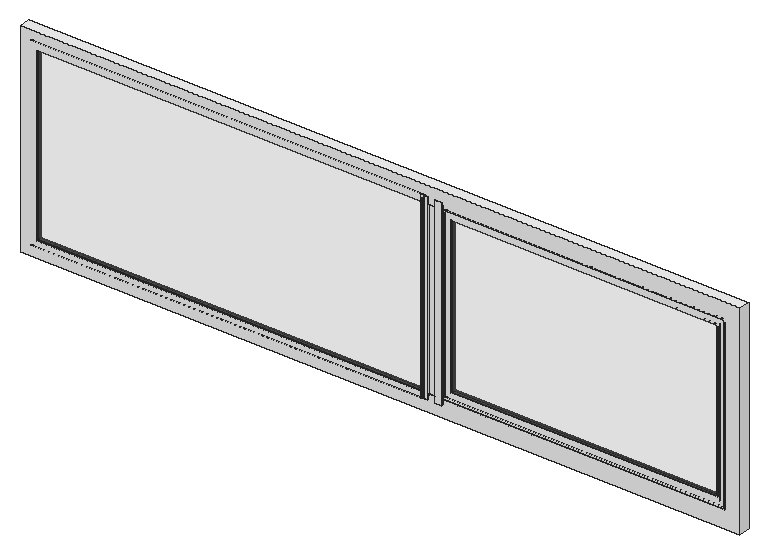
Revit family
Parameters (values of type "TH-PT2106")
  Height = 590 mm
  Head Height = 2125 mm
  Default Sill Height = Head Height - Height  # 1535 mm
  Wall Closure = (empty or 0)
  Width = 2090 mm
Types (4, lengths in mm): name | Width
  (no name) | 2090
  TH-PT2106 | 2090
  TH-PT1806 | 1790
  TH- PT2406 | 2390
Reference planes
  plane 1 "Center (Front/Back)": y = 0
  plane 2 "Center (Left/Right)": x = 0
  plane 3 "Left": x = -1045
  plane 4 "Right": x = 1045
  plane 5 "Sill": z = 1535
  plane 6 "Head": z = 2125
  plane 7 "Exterior": y = 100
  plane 8 "Interior": y = -100
  plane 9: y = -30.5
  plane 10: x = 150
Forms (mm)
  Sweep 1, solid, material "Default Frame"
    path origin (0, 100, 0) x (1, 0, 0) y (0, 0, 1)
      loop
        line (1045, 2125) -> (-1045, 2125) -> (-1045, 1535) -> (1045, 1535) -> (1045, 2125)
    profile origin (0, 100, 2125) x (0, 0, -1) y (0, -1, 0)
      loop
        line (0, 115.25) -> (0, 84.75) -> (30.58, 84.75) -> (30.58, 87.464) -> (28.08, 86.021) -> (28.08, 113.85) -> (39.575, 113.85) -> (39.575, 111.85) -> (46.275, 111.85)
        arc (46.275, 111.85) -> (46.875, 111.25) -> (47.475, 111.85) r 0.6
        line (47.475, 111.85) -> (47.475, 115.25) -> (0, 115.25)
  Extrusion 2, solid, material "Glass"
    sketch origin (-72.092, -3.5, 0) x (1, 0, 0) y (0, 0, 1)
      loop
        line (203.992, 2091.8) -> (-939.668, 2091.8) -> (-939.668, 1568.2) -> (203.992, 1568.2) -> (203.992, 2091.8)
    from 0 to 3
  Sweep 3, solid, material "Default Frame"
    path origin (-95.36, -108, -50) x (1, 0, 0) y (0, 0, -1)
      loop
        line (255.86, -2170.4) -> (255.86, -1589.6) -> (-945, -1589.6) -> (-945, -2170.4) -> (255.86, -2170.4)
    profile origin (-439.93, -108, 2120.4) x (0, 0, 1) y (0, 1, 0)
      loop
        line (-25.08, 99.735) -> (-24.578, 94.997)
        arc (-24.578, 94.997) -> (-24.261, 94.736) -> (-23.98, 95.035) r 0.3
        line (-23.98, 95.035) -> (-23.98, 121.263) -> (-25.98, 120.536) -> (-25.98, 122.735) -> (-27.439, 122.735) -> (-40.407, 109.637) -> (-40.407, 108.637) -> (-28.6, 108.637) -> (-28.6, 109.637) -> (-25.08, 109.637) -> (-25.08, 99.735)
  Sweep 4, solid, material "Rubber seal"
    path origin (-95.36, -108, -50) x (1, 0, 0) y (0, 0, -1)
      loop
        line (255.86, -2170.4) -> (255.86, -1589.6) -> (-945, -1589.6) -> (-945, -2170.4) -> (255.86, -2170.4)
    profile origin (-439.93, -108, 2120.4) x (0, 0, 1) y (0, 1, 0)
      loop
        line (-41.398, 108.637) -> (-45.535, 104.5) -> (-35.029, 104.5) -> (-35.029, 108.637) -> (-41.398, 108.637)
      loop
        line (-45.535, 101.5) -> (-42.255, 96.75) -> (-35.029, 96.75) -> (-35.029, 101.5) -> (-45.535, 101.5)
  Sweep 5, solid, material "Default Frame"
    path origin (-2000, 100, 1819.513) x (0, 0, -1) y (1, 0, 0)
      loop
        line (253.933, 2175) -> (-274.907, 2175)
    profile origin (175, 100, 1830) x (-1, 0, 0) y (0, -1, 0)
      loop
        line (-4.4, 115.25) -> (-4.4, 111.85)
        arc (-4.4, 111.85) -> (-3.8, 111.25) -> (-3.2, 111.85) r 0.6
        line (-3.2, 111.85) -> (3.5, 111.85) -> (3.5, 113.85) -> (15, 113.85) -> (15, 86.026) -> (12.5, 87.47) -> (12.5, 84.75) -> (40.5, 84.75) -> (40.5, 87.47) -> (38, 86.026) -> (38, 113.85) -> (49.5, 113.85) -> (49.5, 111.85) -> (56.2, 111.85)
        arc (56.2, 111.85) -> (56.8, 111.25) -> (57.4, 111.85) r 0.6
        line (57.4, 111.85) -> (57.4, 115.25) -> (36, 115.25) -> (36, 111.07) -> (17, 111.07) -> (17, 115.25) -> (-4.4, 115.25)
  Extrusion 6, solid, material "Glass"
    sketch origin (0, 0.5, 49.432) x (-1, 0, 0) y (0, 0, -1)
      loop
        line (-187.72, -2019.688) -> (-187.72, -1541.408) -> (-989.12, -1541.408) -> (-989.12, -2019.688) -> (-187.72, -2019.688)
    from 0 to 3
  Sweep 7, solid, material "Default Frame"
    path origin (50, -100, -50) x (-1, 0, 0) y (0, 0, 1)
      loop
        line (-131.84, 2125) -> (-945, 2125) -> (-945, 1634.96) -> (-131.84, 1634.96) -> (-131.84, 2125)
    profile origin (588.42, -100, 2075) x (0, 0, -1) y (0, 1, 0)
      loop
        line (2.36, 95.735) -> (2.36, 105.637) -> (5.88, 105.637) -> (5.88, 104.637) -> (17.687, 104.637) -> (17.687, 105.637) -> (4.719, 118.735) -> (3.26, 118.735) -> (3.26, 116.536) -> (1.26, 117.263) -> (1.26, 91.035)
        arc (1.26, 91.035) -> (1.541, 90.736) -> (1.858, 90.997) r 0.3
        line (1.858, 90.997) -> (2.36, 95.735)
  Sweep 8, solid, material "Default Frame"
    path origin (65.29, -100, -65.29) x (-1, 0, 0) y (0, 0, 1)
      loop
        line (-101.3, 2155.58) -> (-945, 2155.58) -> (-945, 1635) -> (-101.3, 1635) -> (-101.3, 2155.58)
    profile origin (588.44, -100, 2090.29) x (0, 0, -1) y (0, 1, 0)
      loop
        line (4.865, 88.75) -> (35.445, 88.75) -> (35.445, 92.15)
        arc (35.445, 92.15) -> (34.845, 92.75) -> (34.245, 92.15) r 0.6
        line (34.245, 92.15) -> (27.545, 92.15) -> (27.545, 90.15) -> (16.05, 90.15) -> (16.05, 117.979) -> (18.55, 116.536) -> (18.55, 119.25) -> (-12.03, 119.25) -> (-12.03, 115.85)
        arc (-12.03, 115.85) -> (-11.43, 115.25) -> (-10.83, 115.85) r 0.6
        line (-10.83, 115.85) -> (-4.13, 115.85) -> (-4.13, 117.85) -> (7.37, 117.85) -> (7.37, 90.018) -> (4.865, 91.464) -> (4.865, 88.75)
  Sweep 9, solid, material "Rubber seal"
    path origin (50, -100, -50) x (-1, 0, 0) y (0, 0, 1)
      loop
        line (-131.84, 2125) -> (-945, 2125) -> (-945, 1634.96) -> (-131.84, 1634.96) -> (-131.84, 2125)
    profile origin (588.42, -100, 2075) x (0, 0, -1) y (0, 1, 0)
      loop
        line (18.698, 104.637) -> (12.329, 104.637) -> (12.329, 100.5) -> (22.835, 100.5) -> (18.698, 104.637)
      loop
        line (22.835, 97.5) -> (12.329, 97.5) -> (12.329, 92.75) -> (19.555, 92.75) -> (22.835, 97.5)
Lines and regions (mm)
  Opening 1
    outline origin (3500, -100, 0) x (1, 0, 0) y (0, 0, 1)
      loop
        line (-2455, 1535) -> (-2455, 2125) -> (-4545, 2125) -> (-4545, 1535) -> (-2455, 1535)
  symbolic lines, style "Elevation Swing"
    curve 1: line (154.56, 38.5, 2102.32) -> (580.9, 38.5, 1557.68)
    curve 2: line (580.9, 38.5, 1557.68) -> (1022.337, 38.5, 2102.337)
Text (mm)
  text "EXTERIOR" at (-1963.203, 1332.353, 0), in view "Ref. Level"
  text "INTERIOR" at (-1981.466, -818.386, 0), in view "Ref. Level"
  text "Exterior" at (0, 923.751, 2943.296), in view "Right"
  text "Exterior" at (0, 1040.484, 2685.409), in view "Left"
Dimensions and locks
  equal spacing: plane 3 "Left", plane 2 "Center (Left/Right)", plane 4 "Right"
  "Width": plane 3 "Left" to plane 4 "Right"
  "Height": plane 5 "Sill" to plane 6 "Head"
  "Default Sill Height": plane 5 "Sill" to level
  locked: plane 7 "Exterior" to host wall at 0
  locked: plane 8 "Interior" to host wall
  locked: Sweep 3 sketch curve to Sweep 1 at 4.6
  locked: Sweep 1 to Sweep 3 sketch curve at 4.6
  Sweep 5 to Sweep 3 sketch curve = 26 mm
  locked: Sweep 4 sketch curve to Sweep 1 at 4.6
  locked: Sweep 1 to Sweep 4 sketch curve at 4.6
  Sweep 5 to Sweep 4 sketch curve = 26 mm
  locked: plane 10 to plane 4 "Right" at 895
  Sweep 8 sketch curve to Sweep 1 = 4.13 mm
  Sweep 8 sketch curve to Sweep 5 = 4.09 mm
  locked: plane 10 to Sweep 5 sketch curve at 25
  locked: Sweep 3 sketch curve to Sweep 1 at 4.64
  Extrusion 2 to plane 10 = 18.1 mm
  Sweep 7 sketch curve to Sweep 8 = 3.3 mm
  Sweep 8 to Sweep 7 sketch curve = 3.3 mm
  Sweep 9 sketch curve to Sweep 8 = 3.3 mm
  Sweep 8 to Sweep 9 sketch curve = 3.3 mm
  aligned and locked: curve 1 to Sweep 8
  aligned and locked: curve 2 to Sweep 8
  aligned: Sweep 3 to Extrusion 2
  aligned: Extrusion 2 to Sweep 3
Automatic sketch dimensions
  Opening 1 sketch curve to plane 3 "Left" = 0 mm
  Opening 1 sketch curve to plane 4 "Right" = 0 mm
  Opening 1 sketch curve to plane 5 "Sill" = 0 mm
  Opening 1 sketch curve to plane 6 "Head" = 0 mm
  Sweep 1 sketch curve to plane 3 "Left" = 0 mm
  Sweep 1 sketch curve to plane 4 "Right" = 0 mm
  Sweep 1 sketch curve to plane 5 "Sill" = 0 mm
  Sweep 1 sketch curve to plane 6 "Head" = 0 mm
  Sweep 1 sketch curve to profile plane = 0 mm
  Sweep 1 sketch curve to profile plane = 28.08 mm
  Sweep 1 sketch curve to Sweep 1 sketch curve = 2.5 mm
  Sweep 1 sketch curve to Sweep 1 sketch curve = 11.495 mm
  Sweep 1 sketch curve to Sweep 1 sketch curve = 6.7 mm
  Sweep 1 sketch curve to Sweep 1 sketch curve = 0.6 mm
  profile plane to Sweep 1 sketch curve = 84.75 mm
  Sweep 1 sketch curve to Sweep 1 sketch curve = 1.271 mm
  Sweep 1 sketch curve to Sweep 1 sketch curve = 2.714 mm
  Sweep 1 sketch curve to Sweep 1 sketch curve = 24.386 mm
  Sweep 1 sketch curve to Sweep 1 sketch curve = 2 mm
  Sweep 1 sketch curve to Sweep 1 sketch curve = 3.4 mm
  Extrusion 2 sketch curve to plane 3 "Left" = 33.24 mm
  Extrusion 2 sketch curve to plane 10 = 18.1 mm
  Extrusion 2 sketch curve to plane 5 "Sill" = 33.2 mm
  plane 6 "Head" to Extrusion 2 sketch curve = 33.2 mm
  Sweep 4 sketch curve to plane 3 "Left" = 4.64 mm
  plane 6 "Head" to Sweep 5 sketch curve = 30.58 mm
  Sweep 5 sketch curve to plane 5 "Sill" = 30.58 mm
  profile plane to Sweep 5 sketch curve = 4.4 mm
  Sweep 5 sketch curve to Sweep 5 sketch curve = 0.6 mm  (x2)
  Sweep 5 sketch curve to profile plane = 3.5 mm
  Sweep 5 sketch curve to Sweep 5 sketch curve = 2 mm  (x3)
  Sweep 5 sketch curve to Sweep 5 sketch curve = 19 mm
  Sweep 5 sketch curve to Sweep 5 sketch curve = 2.5 mm  (x2)
  Sweep 5 sketch curve to Sweep 5 sketch curve = 6.7 mm
  profile plane to Sweep 5 sketch curve = 84.75 mm
  Sweep 5 sketch curve to Sweep 5 sketch curve = 1.276 mm  (x2)
  Sweep 5 sketch curve to Sweep 5 sketch curve = 2.72 mm  (x2)
  Sweep 5 sketch curve to Sweep 5 sketch curve = 0.78 mm  (x2)
  Sweep 5 sketch curve to Sweep 5 sketch curve = 3.4 mm  (x2)
  plane 4 "Right" to Extrusion 6 sketch curve = 55.88 mm
  Extrusion 6 sketch curve to plane 5 "Sill" = 55.84 mm
  plane 10 to Extrusion 6 sketch curve = 37.72 mm
  plane 6 "Head" to Extrusion 6 sketch curve = 55.88 mm
  plane 4 "Right" to Sweep 7 sketch curve = 50 mm
  plane 6 "Head" to Sweep 7 sketch curve = 50 mm
  Sweep 7 sketch curve to profile plane = 1.26 mm
  Sweep 7 sketch curve to Sweep 7 sketch curve = 0.3 mm
  Sweep 7 sketch curve to Sweep 7 sketch curve = 0.298 mm
  Sweep 7 sketch curve to profile plane = 2.36 mm
  Sweep 7 sketch curve to Sweep 7 sketch curve = 2 mm
  Sweep 7 sketch curve to Sweep 7 sketch curve = 1.459 mm
  Sweep 7 sketch curve to Sweep 7 sketch curve = 3.52 mm
  Sweep 7 sketch curve to Sweep 7 sketch curve = 11.806 mm
  profile plane to Sweep 7 sketch curve = 90.997 mm
  Sweep 7 sketch curve to Sweep 7 sketch curve = 4.738 mm
  Sweep 7 sketch curve to Sweep 7 sketch curve = 8.902 mm
  Sweep 7 sketch curve to Sweep 7 sketch curve = 1 mm  (x2)
  Sweep 7 sketch curve to Sweep 7 sketch curve = 10.899 mm
  Sweep 7 sketch curve to Sweep 7 sketch curve = 0.728 mm
  Sweep 7 sketch curve to Sweep 7 sketch curve = 2.2 mm
  plane 4 "Right" to Sweep 8 sketch curve = 34.71 mm
  Sweep 8 sketch curve to plane 5 "Sill" = 34.71 mm
  profile plane to Sweep 8 sketch curve = 12.03 mm
  Sweep 8 sketch curve to Sweep 8 sketch curve = 0.6 mm  (x2)
  profile plane to Sweep 8 sketch curve = 4.13 mm
  Sweep 8 sketch curve to profile plane = 4.865 mm
  Sweep 8 sketch curve to Sweep 8 sketch curve = 2.505 mm
  Sweep 8 sketch curve to Sweep 8 sketch curve = 8.68 mm
  Sweep 8 sketch curve to Sweep 8 sketch curve = 2.5 mm
  Sweep 8 sketch curve to Sweep 8 sketch curve = 11.495 mm
  Sweep 8 sketch curve to Sweep 8 sketch curve = 6.7 mm
  profile plane to Sweep 8 sketch curve = 88.75 mm
  Sweep 8 sketch curve to Sweep 8 sketch curve = 1.268 mm
  Sweep 8 sketch curve to Sweep 8 sketch curve = 1.4 mm
  Sweep 8 sketch curve to Sweep 8 sketch curve = 2.714 mm  (x2)
  Sweep 8 sketch curve to Sweep 8 sketch curve = 3.4 mm
  Sweep 8 sketch curve to Sweep 8 sketch curve = 24.386 mm
  Sweep 8 sketch curve to Sweep 8 sketch curve = 0.686 mm
  Sweep 8 sketch curve to Sweep 8 sketch curve = 2 mm
  Sweep 8 sketch curve to Sweep 8 sketch curve = 1.443 mm
  plane 4 "Right" to Sweep 9 sketch curve = 50 mm
  plane 6 "Head" to Sweep 9 sketch curve = 50 mm
  Sweep 9 sketch curve to profile plane = 12.329 mm
  Sweep 9 sketch curve to Sweep 9 sketch curve = 0 mm  (x2)
  Sweep 9 sketch curve to Sweep 9 sketch curve = 6.37 mm
  Sweep 9 sketch curve to Sweep 9 sketch curve = 7.226 mm
  Sweep 9 sketch curve to Sweep 9 sketch curve = 4.137 mm  (x2)
  profile plane to Sweep 9 sketch curve = 92.75 mm
  Sweep 9 sketch curve to Sweep 9 sketch curve = 4.75 mm
  Sweep 9 sketch curve to Sweep 9 sketch curve = 3 mm
  Sweep 5 sketch curve to Sweep 5 sketch curve = 26.38 mm
  Sweep 5 sketch curve to Sweep 5 sketch curve = 11.5 mm  (x2)
  Sweep 5 sketch curve to Sweep 5 sketch curve = 1.4 mm
  profile plane to Sweep 3 sketch curve = 40.407 mm
  Sweep 3 sketch curve to Sweep 3 sketch curve = 1.161 mm
  Sweep 3 sketch curve to Sweep 3 sketch curve = 1.459 mm
  Sweep 3 sketch curve to Sweep 3 sketch curve = 3.52 mm
  Sweep 3 sketch curve to Sweep 3 sketch curve = 0.502 mm
  Sweep 3 sketch curve to Sweep 3 sketch curve = 0.298 mm
  Sweep 3 sketch curve to Sweep 3 sketch curve = 0.3 mm
  profile plane to Sweep 3 sketch curve = 94.997 mm
  Sweep 3 sketch curve to Sweep 3 sketch curve = 4.738 mm
  Sweep 3 sketch curve to Sweep 3 sketch curve = 8.902 mm
  Sweep 3 sketch curve to Sweep 3 sketch curve = 1 mm  (x2)
  Sweep 3 sketch curve to Sweep 3 sketch curve = 10.899 mm
  Sweep 3 sketch curve to Sweep 3 sketch curve = 0.728 mm
  Sweep 3 sketch curve to Sweep 3 sketch curve = 2.2 mm
  Sweep 3 sketch curve to Sweep 3 sketch curve = 11.806 mm
  profile plane to Sweep 4 sketch curve = 45.535 mm
  Sweep 4 sketch curve to Sweep 4 sketch curve = 0 mm
  Sweep 4 sketch curve to Sweep 4 sketch curve = 3.28 mm
  Sweep 4 sketch curve to Sweep 4 sketch curve = 4.137 mm  (x2)
  Sweep 4 sketch curve to Sweep 4 sketch curve = 6.37 mm
  Sweep 4 sketch curve to Sweep 4 sketch curve = 7.226 mm
  profile plane to Sweep 4 sketch curve = 96.75 mm
  Sweep 4 sketch curve to Sweep 4 sketch curve = 4.75 mm
  Sweep 4 sketch curve to Sweep 4 sketch curve = 3 mm
  Sweep 7 sketch curve to plane 5 "Sill" = 49.96 mm
  plane 10 to Sweep 7 sketch curve = 31.84 mm
  Sweep 9 sketch curve to plane 5 "Sill" = 49.96 mm
  plane 10 to Sweep 9 sketch curve = 31.84 mm
  plane 4 "Right" to curve 2 = 22.663 mm
  plane 10 to curve 2 = 430.9 mm
  plane 10 to curve 1 = 4.56 mm
  plane 6 "Head" to curve 1 = 22.68 mm
  plane 6 "Head" to curve 2 = 22.663 mm
